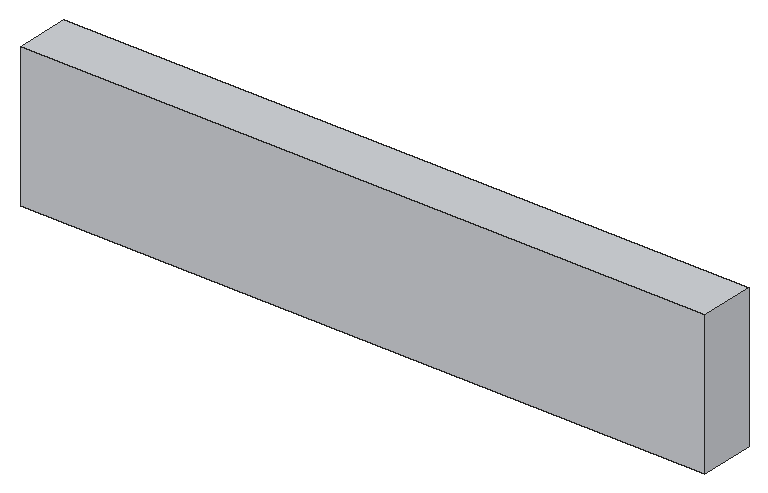
Revit family "Beam", category Structural Framing, Revit 2026
Family settings
  Display in Hidden Views = Edges Hidden by Other Members
  Section Shape = Not Defined
  Material for Model Behavior = Concrete
  Always export as geometry = No
  Always vertical = Yes
  Cut with Voids When Loaded = No
  Symbolic Representation = From Family
  Shared = No
  Show family pre-cut in plan views = Yes
Parameters (values of type "Beam 200x520")
  Width = 200 mm
  Length [instance] = 3000 mm
  Height = 520 mm
Types (11, lengths in mm): name | Width | Height
  Beam 240x650 | 240 | 650
  Beam 220x1100 | 220 | 1100
  Beam 300x600 | 300 | 600
  Beam 200x515 | 200 | 515
  Beam 220x480 | 220 | 480
  Beam 200x570 | 200 | 570
  Beam 200x420 | 200 | 420
  Beam 200x800 | 200 | 800
  Beam 250x600 | 250 | 600
  Beam 200x500 | 200 | 500
  Beam 200x520 | 200 | 520
Reference planes
  plane 1 "Center (Front/Back)": y = 0
  plane 2 "Center Elevation": z = 0
  plane 3 "Center (Left/Right)": x = 0
  plane 4 "Left": x = -1500
  plane 5 "Member Left": x = -1250
  plane 6 "Stick Symbol Left": x = -1000
  plane 7 "Right": x = 1500
  plane 8 "Member Right": x = 1250
  plane 9 "Stick Symbol Right": x = 1000
  plane 10: y = 125
  plane 11: y = -75
  plane 12: z = 0
  plane 13: z = -300
Forms (mm)
  Extrusion 1, solid, detail levels medium+fine
    sketch origin (0, 25, -150) x (0, 1, 0) y (0, 0, 1)
      loop
        line (100, 370) -> (-100, 370) -> (-100, -150) -> (100, -150) -> (100, 370)
    from -1250 to 1250
Dimensions and locks
  equal spacing: plane 4 "Left", plane 3 "Center (Left/Right)", plane 7 "Right"
  "Length": plane 4 "Left" to plane 7 "Right"
  "Height": Extrusion 1 to Extrusion 1
  "Width": Extrusion 1 to Extrusion 1
  plane 1 "Center (Front/Back)" to Extrusion 1 sketch curve = 75 mm
  aligned and locked: plane 10 to Extrusion 1 sketch curve
  aligned and locked: plane 13 to Extrusion 1 sketch curve
  aligned and locked: plane 5 "Member Left" to Extrusion 1
  aligned and locked: Extrusion 1 to plane 8 "Member Right"
  aligned and locked: level to plane 2 "Center Elevation"
Automatic sketch dimensions
  level to Extrusion 1 sketch curve = 220 mm
